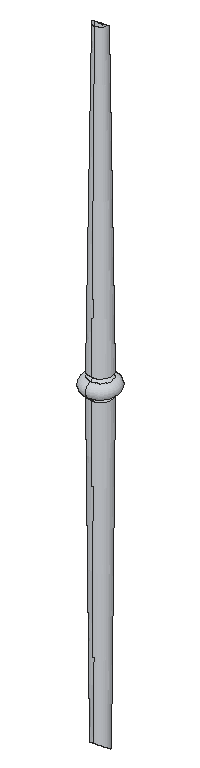
Revit family "Baluster-Custom1 (M)", category 난간동자, Revit 2026
Family settings
  항상 수직 = 예
  로드될 때 보이드를 사용하여 절단 = 아니오
  공유 = 아니오
Parameters (values of type "25mm")
  built-in parameter 1008623 [instance] = 32.47°
  built-in parameter 1008625 [instance] = (empty or 0)
  Post = no
  built-in parameter 1008624 [instance] = 32.47°
  Baluster Material = none
  built-in parameter 1008622 [instance] = 762 mm
Reference planes
  plane 1 "Center F/B": y = 0
  plane 2: z = 0
  plane 3 "Center L/R": x = 0
  plane 4 "Top": z = 762
  plane 5 "Top Angle Cut": through (0, 345.134, 542.379) normal (0, -0.5369, -0.8437)
  plane 6: z = 990.6
  plane 7: z = 381
  plane 8: z = 393.7
  plane 9: z = 368.3
  plane 10 "Bottom Angle Cut": through (0, 0, 0) normal (0, -0.5369, -0.8437)
  plane 11: z = -228.6
  plane 12: y = 50.8
  plane 13: y = -50.8
  plane 14: x = 50.8
  plane 15: x = -50.8
Forms (mm)
  Revolve 1, solid, material <- "Baluster Material"
    sketch origin (0, 0, 0) x (0, 1, 0) y (0, 0, 1)
      loop
        line (0, -228.6) -> (7.144, -228.6) -> (13.046, 368.399) -> (6.564, 368.3) -> (13.36, 373.058)
        arc (13.36, 373.058) -> (21.301, 381) -> (13.36, 388.942) r 7.942
        line (13.36, 388.942) -> (6.457, 393.775) -> (13.043, 393.775) -> (7.422, 762) -> (7.422, 990.6) -> (0, 990.6) -> (0, -228.6)
      axis (0, -228.6) -> (0, 990.6)
    angle from 0 to 360
  Extrusion 2, void
    sketch origin (0, 0, 0) x (0, 1, 0) y (0, 0, 1)
      loop
        line (-50.8, -228.6) -> (50.8, -228.6) -> (50.8, -32.326) -> (-50.8, 32.326) -> (-50.8, -228.6)
      loop
        line (50.8, 990.6) -> (-50.8, 990.6) -> (-50.8, 794.326) -> (50.8, 729.674) -> (50.8, 990.6)
    from -50.8 to 50.8
Cuts and joins
  Extrusion 2 cuts Revolve 1
Dimensions and locks
  "built-in parameter 1008622": plane 2 to plane 4 "Top"
  plane 4 "Top" to plane 6 = 228.6 mm
  equal spacing: plane 2, plane 7, plane 4 "Top"
  plane 9 to plane 7 to plane 8 = 12.7 mm, 12.7 mm
  locked: level to plane 11 at 228.6
  locked: plane 15 to plane 3 "Center L/R" at 50.8
  locked: plane 3 "Center L/R" to plane 14 at 50.8
  locked: plane 1 "Center F/B" to plane 12 at 50.8
  locked: plane 13 to plane 1 "Center F/B" at 50.8
  "built-in parameter 1008623": angle plane 4 "Top" to plane 5 "Top Angle Cut"
  "built-in parameter 1008624": angle level to plane 10 "Bottom Angle Cut"
  aligned and locked: Revolve 1 sketch curve to plane 11
  aligned and locked: Extrusion 2 sketch curve to plane 11
  aligned and locked: Extrusion 2 sketch curve to plane 12  (x2)
  aligned and locked: plane 13 to Extrusion 2 sketch curve  (x2)
  aligned and locked: Extrusion 2 sketch curve to plane 10 "Bottom Angle Cut"
  aligned and locked: Extrusion 2 to plane 14
  aligned and locked: Extrusion 2 to plane 15
  aligned and locked: Extrusion 2 sketch curve to plane 6
  aligned and locked: plane 5 "Top Angle Cut" to Extrusion 2 sketch curve
Automatic sketch dimensions
  Revolve 1 sketch curve to plane 1 "Center F/B" = 0 mm  (x2)
  Revolve 1 sketch curve to plane 9 = 0 mm
  Revolve 1 sketch curve to plane 6 = 0 mm
  Revolve 1 sketch curve to plane 4 "Top" = 0 mm
  Revolve 1 sketch curve to plane 7 = 0 mm
  Revolve 1 sketch curve to plane 8 = 0.075 mm
  Revolve 1 sketch curve to plane 9 = 0.099 mm
  Revolve 1 sketch curve to Revolve 1 sketch curve = 4.659 mm
  Revolve 1 sketch curve to Revolve 1 sketch curve = 101.6 mm
  Revolve 1 sketch curve to Revolve 1 sketch curve = 152.4 mm
  Revolve 1 sketch curve to plane 1 "Center F/B" = 6.457 mm
  Revolve 1 sketch curve to plane 1 "Center F/B" = 6.564 mm
  Revolve 1 sketch curve to Revolve 1 sketch curve = 7.144 mm
  Revolve 1 sketch curve to Revolve 1 sketch curve = 7.422 mm
  Revolve 1 sketch curve to Revolve 1 sketch curve = 6.587 mm
  Revolve 1 sketch curve to Revolve 1 sketch curve = 6.482 mm
  Revolve 1 sketch curve to Revolve 1 sketch curve = 0.314 mm
